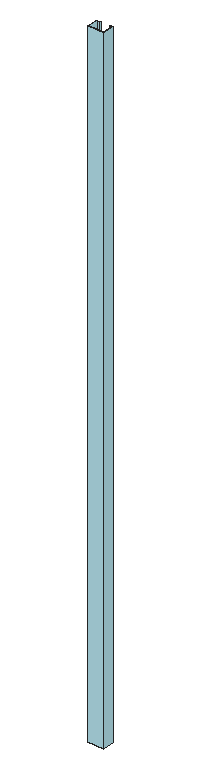
Revit family "as25", category 機械設備, Revit 2022
Family settings
  丸型コネクタ寸法 = 直径を使用
  種別 = なし
  パーツ タイプ = 標準
  作業面ベース = いいえ
  常に垂直 = はい
  ロード時にボイドで切り取り = いいえ
  注釈の向きを維持 = いいえ
  共有 = いいえ
  部屋計算ポイント = いいえ
Parameters
  製造元 = "株式会社桐井製作所"
  既定の高さ = 0 mm
  URL = "https://www.kirii.co.jp/"
  K_長さ(mm) [instance] = 1000 mm
  K_外形寸法(mm) = "25×19×5×1.0"
  K_品名 = "リップ付チャンネルAS-25"
  K_名称 = "斜め部材(ブレース材 ）"
  K_バージョン情報 = "20210714"
Reference planes
  plane 1 "中心(正面/背面)": y = 0
  plane 2: z = 0
  plane 3 "中心(左/右)": x = 0
  plane 4: x = 12.5
  plane 5: x = -12.5
  plane 6: z = 1000
  plane 7: y = 19
Forms (mm)
  Extrusion 1, solid
    sketch origin (0, 0, 0) x (1, 0, 0) y (0, 1, 0)
      loop
        line (-12.5, 19) -> (-12.5, 0) -> (12.5, 0) -> (12.5, 19) -> (7.5, 19) -> (7.5, 18) -> (11.5, 18) -> (11.5, 1) -> (-11.5, 1) -> (-11.5, 18) -> (-7.5, 18) -> (-7.5, 19) -> (-12.5, 19)
    from 0 to 1000
Dimensions and locks
  "K_長さ(mm)": plane 6 to plane 2
  aligned and locked: level to plane 2
  aligned and locked: plane 6 to Extrusion 1
Automatic sketch dimensions
  plane 1 "中心(正面/背面)" to Extrusion 1 sketch curve = 0 mm
  Extrusion 1 sketch curve to plane 5 = 0 mm
  Extrusion 1 sketch curve to plane 4 = 0 mm
  plane 5 to Extrusion 1 sketch curve = 1 mm
  Extrusion 1 sketch curve to Extrusion 1 sketch curve = 4 mm
  Extrusion 1 sketch curve to Extrusion 1 sketch curve = 5 mm
  Extrusion 1 sketch curve to plane 4 = 1 mm
  Extrusion 1 sketch curve to plane 1 "中心(正面/背面)" = 1 mm
  Extrusion 1 sketch curve to Extrusion 1 sketch curve = 17 mm  (x2)
  Extrusion 1 sketch curve to Extrusion 1 sketch curve = 1 mm  (x2)
